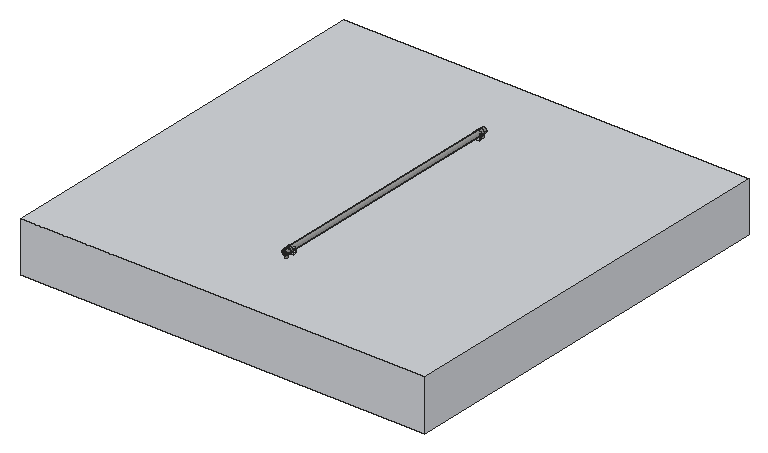
Revit family "L-line A 1.5", category Осветительные приборы, Revit 2017
Family settings
  Основа = Грань
  Размер круглого соединителя = Использовать диаметр
  Тип детали = Нормальный
  При загрузке вырезать с полостями = Нет
  Источник света = Да
  Общий = Нет
  Точка расчета площади = Нет
Parameters (values of type "L-line A 1.5 3.0K Д (матовый)")
  Расстояние от светильника до поверхности = 55.991 mm
  Описание = "Светодиодный светильник L-line A 1,5 предназначен для архитектурной подсветки зданий и сооружений различного назначения. Модули L-line A могут соединяться между собой в непрерывные линии длиной до 12 метров, что позволяет получить равномерную засветку по всей длине подключенных светильников. Соединение модулей осуществляется при помощи герметичных коннекторов."
  Lamp = ""
  Кривая сил света = "Д"
  Комментарии к типоразмеру = "Архитектурные"
  Wattage Comments = ""
  Wattage = 30.8802 W
  built-in parameter 1150110 = 1 (stored number, unit not read)
  built-in parameter 1114217 = 1 (stored number, unit not read)
  Tilt Angle = 90.00°
  built-in parameter 1150109 = 1 (stored number, unit not read)
  built-in parameter 1150134 = (empty or 0)
  built-in parameter 1150113 = 1 (stored number, unit not read)
  Файл фотометрической сетки = "L-line A 1.5-43-D-3.0K-03.ies"
  built-in parameter 1150142 = "IESNA:LM-63-1995\r\n[TEST]LEDEL\r\n[DATA]28.10.2017\r\n[MANUFAC]LEDEL\r\n[LUMCAT]L-line A 1.5/43/Д/3.0K/03\r\n[LUMINAIRE]Предназначен  для  архитектурной и декоративной  подсветки\r\n[LAMPCAT]LED\r\n[LAMP]OSRAM DURIS \r\nTILT=NONE\r\n\r\n\r\n1 4587  1.6577520780628  37 19 1 2 1.5 0.042 0.043\r\n\r\n1 1 43.2\r\n\r\n 0 2.5 5 7.5 10 12.5 15 17.5 20 22.5 25 27.5 30 32.5 35 37.5 40 42.5 45 47.5\r\n 50 52.5 55 57.5 60 62.5 65 67.5 70 72.5 75 77.5 80 82.5 85 87.5 90\r\n\r\n  0 10 20 30 40 50 60 70 80 90 100 110 120 130 140 150\r\n  160 170 180\r\n\r\n  819 818 817 812 806 800 789 778 765 751 734 717 699 679 658\r\n  637 616 591 568 544 521 496 469 446 421 396 372 347 324 300\r\n  277 257 234 216 195 177 160\r\n  819 819 817 812 810 803 795 787 775 765 754 740 726 711 696\r\n  679 663 643 626 607 586 567 548 529 511 491 469 446 422 400\r\n  378 355 337 317 299 281 263\r\n  808 806 806 803 797 792 784 776 765 755 742 729 714 700 683\r\n  667 649 630 611 591 570 551 528 509 487 468 447 425 403 384\r\n  362 343 321 303 283 264 248\r\n  800 800 797 795 789 784 774 764 755 743 729 715 700 681 665\r\n  647 629 609 586 566 547 526 507 484 466 444 422 402 381 360\r\n  338 319 299 280 263 244 229\r\n  811 811 809 804 799 793 783 773 762 748 734 719 702 685 666\r\n  644 625 602 582 560 536 515 492 466 445 421 400 378 354 333\r\n  312 292 271 251 232 215 198\r\n  819 818 817 812 806 800 789 778 765 751 734 717 699 679 658\r\n  637 616 591 568 544 521 496 469 446 421 396 372 347 324 300\r\n  277 257 234 216 195 177 160\r\n  820 819 818 812 806 800 789 778 764 748 732 714 693 674 652\r\n  629 606 578 556 528 502 477 450 422 395 368 340 313 288 263\r\n  238 214 192 172 151 135 118\r\n  822 821 820 815 809 800 789 777 762 747 729 710 690 667 645\r\n  621 595 567 540 514 485 459 429 402 371 344 313 283 255 226\r\n  200 175 151 128 108 91 76\r\n  825 821 820 815 809 800 788 775 761 745 727 706 685 663 639\r\n  614 588 561 533 504 471 438 410 378 348 317 288 255 224 193\r\n  163 133 107 84 64 46 35\r\n  820 821 818 814 806 797 786 774 759 743 723 705 685 659 636\r\n  610 584 557 527 500 469 441 412 381 351 319 287 253 217 185\r\n  152 120 90 63 39 22 14\r\n  825 822 819 812 805 796 785 771 754 737 720 700 679 655 630\r\n  606 578 552 525 496 469 438 410 379 347 316 285 252 222 189\r\n  159 129 103 80 60 42 31\r\n  822 821 817 811 806 796 786 773 756 739 722 701 682 659 635\r\n  611 586 559 533 504 477 448 419 390 360 330 300 271 241 216\r\n  188 162 138 118 99 83 66\r\n  820 819 815 810 803 795 784 771 756 740 723 707 688 665 642\r\n  619 597 572 545 518 493 466 438 411 383 355 329 301 274 250\r\n  225 203 181 161 141 126 109\r\n  819 818 814 810 803 795 786 773 759 746 731 714 694 674 655\r\n  633 611 587 563 540 515 488 463 437 412 386 362 338 313 289\r\n  267 247 225 206 187 169 152\r\n  811 811 806 802 795 788 779 770 756 743 729 713 696 677 658\r\n  638 617 595 573 550 528 504 480 458 433 411 387 364 343 320\r\n  299 279 258 240 222 203 186\r\n  800 800 800 795 787 780 773 765 756 741 723 708 693 677 658\r\n  641 619 599 579 558 536 515 493 472 452 429 408 386 367 345\r\n  324 306 288 267 249 231 215\r\n  808 807 805 803 797 789 783 774 764 753 739 727 712 697 680\r\n  660 642 623 604 584 562 541 521 499 477 455 435 413 393 373\r\n  353 332 313 292 274 257 240\r\n  819 819 817 812 810 803 795 786 774 763 753 739 726 708 693\r\n  675 658 641 620 601 583 562 540 519 499 477 454 435 413 390\r\n  370 349 329 311 294 274 256\r\n  819 818 814 810 803 795 786 773 759 746 731 714 694 674 655\r\n  633 611 587 563 540 515 488 463 437 412 386 362 338 313 289\r\n  267 247 225 206 187 169 152\r\n\r"
  built-in parameter 1150105 = 365.02 (stored number, unit not read)
  Lumens = 4587 lm
  built-in parameter 1150115 = 1 (stored number, unit not read)
  built-in parameter 1150137 = (empty or 0)
  built-in parameter 1150139 = (empty or 0)
  built-in parameter 1150112 = 1 (stored number, unit not read)
  built-in parameter 1150114 = 1 (stored number, unit not read)
  built-in parameter 1150132 = 2
  Классификация нагрузок = Освещение
  built-in parameter 1150102 = (empty or 0)
  built-in parameter 1150107 = 3000 (stored number, unit not read)
  built-in parameter 1150138 = (empty or 0)
  built-in parameter 1150106 = 3.6502 (stored number, unit not read)
  Emit from Rectangle Width = 32 mm
  Emit from Rectangle Length = 1500 mm
  Изготовитель = "LEDEL"
  Длина профиля = Emit from Rectangle Length  # 1500 mm
  Emit Shape Visible in Rendering = no
  built-in parameter 1150104 = 13.8 (stored number, unit not read)
  Dimming Lamp Color Temperature Shift = (empty or 0)
  Default Elevation = 1219.2 mm
  Color Filter = 16777215
  built-in parameter 1114218 = 1 (stored number, unit not read)
  built-in parameter 1150133 = 10 (stored number, unit not read)
  Apparent Load = 43.2 VA  # constant formula
  Артикул = "714104300833100"
Reference planes
  plane 1 "Center (Front/Back)": y = 0
  plane 2: z = 0
  plane 3 "Center (Left/Right)": x = 0
Forms (mm)
  Extrusion 1, solid
    sketch origin (0, 0, 0) x (1, 0, 0) y (0, 1, 0)
      loop
        line (-1219.2, 1219.2) -> (-1219.2, -1219.2) -> (1219.2, -1219.2) -> (1219.2, 1219.2) -> (-1219.2, 1219.2)
    from 0 to -304.8
Dimensions and locks
  "Расстояние от светильника до поверхности": imposter light to Extrusion 1
  aligned and locked: plane 2 to Extrusion 1
  aligned and locked: level to Extrusion 1
Automatic sketch dimensions
  Extrusion 1 sketch curve to Extrusion 1 sketch curve = 2438.4 mm  (x2)
Nested families
  nested 1: "L-line A_body" at (0, 0, 0), type "L-line A_body"
    with Расстояние от светильника до плоскости 55.991 mm, Начало выдавливания -750 mm, Конец выдавливания 750 mm, Драйвер, начальная точка -747.5 mm, Драйвер, конечная точка 747.5 mm, Длина профиля 1500 mm
Connectors
  electrical at (0, 0, 0), driven by "Apparent Load"
    settings: on Extrusion 1, index 1, voltage 230 V, apparent load 0 VA, apparent load phase1 43.2 VA, apparent load phase2 0 VA, apparent load phase3 0 VA, power factor 1, load classification "Прочее", number of poles 1, system type 31, power factor state 1, is connector primary yes, connector utility no, sub classification motor no, connector description ""
Definition of nested family "L-line A_body"
  Parameters (values of type "L-line A_body")
    Расстояние от светильника до плоскости = 150 mm
    Default Elevation = 1219.2 mm
    Начало выдавливания = Длина профиля / 2 * (-1)  # -125 mm
    Конец выдавливания = Длина профиля / 2  # 125 mm
    Драйвер, начальная точка = Длина профиля / (-2) + 2.5 mm  # -122.5 mm
    Драйвер, конечная точка = Длина профиля / 2 - 2.5 mm  # 122.5 mm
    Длина профиля = 250 mm
  Reference planes
    plane 1 "По центру (Вперед/Назад)": y = 0
    plane 2: z = 0
    plane 3 "По центру (Влево/Вправо)": x = 0
    plane 4 "Плоскость расположения светильника": z = 150
  Forms (mm)
    Extrusion 1, solid
      sketch origin (0, 0, 0) x (1, 0, 0) y (0, 1, 0)
        loop
          line (-1219.2, 1219.2) -> (-1219.2, -1219.2) -> (1219.2, -1219.2) -> (1219.2, 1219.2) -> (-1219.2, 1219.2)
      from 0 to -304.8
    Extrusion 2, solid
      sketch origin (-0.012, 0, 76.46) x (0, 0, 1) y (1, 0, 0)
        loop
          line (57.295, 0) -> (57.295, 14.224) -> (55.737, 14.224) -> (55.737, -14.176) -> (57.295, -14.176) -> (57.295, 0)
      from -122.5 <- "Драйвер, начальная точка" to 122.5 <- "Драйвер, конечная точка"
    Extrusion 3, solid
      sketch origin (-0.012, 0.083, 76.46) x (-1, 0, 0) y (0, 0, -1)
        loop
          circle (0, -56.539) r 16
        loop
          circle (0, -56.539) r 15
      from -125 <- "Начало выдавливания" to 125 <- "Конец выдавливания"
    Extrusion 4, solid
      sketch origin (-0.012, -122.5, 76.46) x (0, 0, -1) y (1, 0, 0)
        loop
          circle (-56.516, 0.024) r 17.4
        loop
          circle (-56.527, 0) r 16
      from -33.5 to -17.9
    Extrusion 5, solid
      sketch origin (-0.012, 122.5, 76.46) x (0, 0, 1) y (1, 0, 0)
        loop
          circle (56.516, 0.024) r 17.4
        loop
          circle (56.527, 0) r 16
      from -33.5 to -17.9
    Extrusion 6, solid
      sketch origin (-14.187, 0, 132.196) x (0, -1, 0) y (-1, 0, 0)
        loop
          circle (-115.7, -14.176) r 6.8
        loop
          circle (115.7, -14.176) r 6.8
      from 30 to 13
    Extrusion 7, solid
      sketch origin (-0.012, 125.083, 76.46) x (1, 0, 0) y (0, 0, -1)
        loop
          line (-17.974, -30.697) -> (-17.974, -33.843)
          arc (-17.974, -33.843) -> (-18.273, -34.564) -> (-18.993, -34.863) r 1.019
          line (-18.993, -34.863) -> (-19.884, -34.863)
          arc (-19.884, -34.863) -> (-20.613, -35.165) -> (-20.916, -35.895) r 1.032
          line (-20.916, -35.895) -> (-20.916, -38.827)
          arc (-20.916, -38.827) -> (-20.612, -39.559) -> (-19.88, -39.863) r 1.036
          line (-19.88, -39.863) -> (-18.974, -39.863)
          arc (-18.974, -39.863) -> (-18.267, -40.156) -> (-17.974, -40.863) r 1
          line (-17.974, -40.863) -> (-17.974, -47.034)
          arc (-17.974, -47.034) -> (-18.248, -47.869) -> (-18.963, -48.381) r 1.413
          arc (-18.963, -48.381) -> (-19.382, -48.8) -> (-18.963, -49.22) r 0.419
          arc (-18.963, -49.22) -> (-18.248, -49.731) -> (-17.974, -50.567) r 1.413
          line (-17.974, -50.567) -> (-17.925, -55.697)
          arc (-17.925, -55.697) -> (-17.113, -59.518) -> (-15.495, -63.074) r 18
          arc (-15.495, -63.074) -> (-15.394, -63.827) -> (-15.866, -64.423) r 0.971
          arc (-15.866, -64.423) -> (-16.042, -64.842) -> (-15.778, -65.212) r 0.466
          line (-15.778, -65.212) -> (-14.225, -63.863)
          arc (-14.225, -63.863) -> (-13.66, -48.207) -> (0, -40.539) r 16
          arc (0, -40.539) -> (13.66, -48.207) -> (14.225, -63.863) r 16
          line (14.225, -63.863) -> (15.778, -65.212)
          arc (15.778, -65.212) -> (16.042, -64.842) -> (15.866, -64.423) r 0.466
          arc (15.866, -64.423) -> (15.394, -63.827) -> (15.495, -63.074) r 0.971
          arc (15.495, -63.074) -> (17.113, -59.518) -> (17.974, -55.697) r 18
          line (17.974, -55.697) -> (17.974, -50.567)
          arc (17.974, -50.567) -> (18.248, -49.731) -> (18.963, -49.22) r 1.413
          arc (18.963, -49.22) -> (19.382, -48.8) -> (18.963, -48.381) r 0.419
          arc (18.963, -48.381) -> (18.248, -47.869) -> (17.974, -47.034) r 1.413
          line (17.974, -47.034) -> (17.974, -40.863)
          arc (17.974, -40.863) -> (18.267, -40.156) -> (18.974, -39.863) r 1
          line (18.974, -39.863) -> (19.867, -39.863)
          arc (19.867, -39.863) -> (20.599, -39.559) -> (20.903, -38.827) r 1.036
          line (20.903, -38.827) -> (20.903, -35.895)
          arc (20.903, -35.895) -> (20.601, -35.165) -> (19.871, -34.863) r 1.032
          line (19.871, -34.863) -> (18.993, -34.863)
          arc (18.993, -34.863) -> (18.273, -34.564) -> (17.974, -33.843) r 1.019
          line (17.974, -33.843) -> (17.974, -30.697) -> (0, -30.697) -> (-17.974, -30.697)
      from -43.6 to -55.6
    Extrusion 8, solid
      sketch origin (-0.012, -124.917, 76.46) x (-1, 0, 0) y (0, 0, -1)
        loop
          line (17.974, -30.697) -> (0, -30.697) -> (-17.974, -30.697) -> (-17.974, -33.843)
          arc (-17.974, -33.843) -> (-18.273, -34.564) -> (-18.993, -34.863) r 1.019
          line (-18.993, -34.863) -> (-19.871, -34.863)
          arc (-19.871, -34.863) -> (-20.601, -35.165) -> (-20.903, -35.895) r 1.032
          line (-20.903, -35.895) -> (-20.903, -38.827)
          arc (-20.903, -38.827) -> (-20.599, -39.559) -> (-19.867, -39.863) r 1.036
          line (-19.867, -39.863) -> (-18.974, -39.863)
          arc (-18.974, -39.863) -> (-18.267, -40.156) -> (-17.974, -40.863) r 1
          line (-17.974, -40.863) -> (-17.974, -47.034)
          arc (-17.974, -47.034) -> (-18.248, -47.869) -> (-18.963, -48.381) r 1.413
          arc (-18.963, -48.381) -> (-19.382, -48.8) -> (-18.963, -49.22) r 0.419
          arc (-18.963, -49.22) -> (-18.248, -49.731) -> (-17.974, -50.567) r 1.413
          line (-17.974, -50.567) -> (-17.974, -55.697)
          arc (-17.974, -55.697) -> (-17.113, -59.518) -> (-15.495, -63.074) r 18
          arc (-15.495, -63.074) -> (-15.394, -63.827) -> (-15.866, -64.423) r 0.971
          arc (-15.866, -64.423) -> (-16.042, -64.842) -> (-15.778, -65.212) r 0.466
          line (-15.778, -65.212) -> (-14.225, -63.863)
          arc (-14.225, -63.863) -> (-13.66, -48.207) -> (0, -40.539) r 16
          arc (0, -40.539) -> (13.66, -48.207) -> (14.225, -63.863) r 16
          line (14.225, -63.863) -> (15.778, -65.212)
          arc (15.778, -65.212) -> (16.042, -64.842) -> (15.866, -64.423) r 0.466
          arc (15.866, -64.423) -> (15.394, -63.827) -> (15.495, -63.074) r 0.971
          arc (15.495, -63.074) -> (17.113, -59.518) -> (17.925, -55.697) r 18
          line (17.925, -55.697) -> (17.974, -50.567)
          arc (17.974, -50.567) -> (18.248, -49.731) -> (18.963, -49.22) r 1.413
          arc (18.963, -49.22) -> (19.382, -48.8) -> (18.963, -48.381) r 0.419
          arc (18.963, -48.381) -> (18.248, -47.869) -> (17.974, -47.034) r 1.413
          line (17.974, -47.034) -> (17.974, -40.863)
          arc (17.974, -40.863) -> (18.267, -40.156) -> (18.974, -39.863) r 1
          line (18.974, -39.863) -> (19.88, -39.863)
          arc (19.88, -39.863) -> (20.612, -39.559) -> (20.916, -38.827) r 1.036
          line (20.916, -38.827) -> (20.916, -35.895)
          arc (20.916, -35.895) -> (20.613, -35.165) -> (19.884, -34.863) r 1.032
          line (19.884, -34.863) -> (18.993, -34.863)
          arc (18.993, -34.863) -> (18.273, -34.564) -> (17.974, -33.843) r 1.019
          line (17.974, -33.843) -> (17.974, -30.697)
      from -43.6 to -55.6
  Cuts and joins
    joined: Extrusion 3, Extrusion 6
  Dimensions and locks
    "Расстояние от светильника до плоскости": plane 4 "Плоскость расположения светильника" to Extrusion 1
    aligned and locked: plane 2 to Extrusion 1
    aligned and locked: level to Extrusion 1
  Automatic sketch dimensions
    Extrusion 1 sketch curve to Extrusion 1 sketch curve = 2438.4 mm  (x2)
    Extrusion 3 sketch curve to plane 3 "По центру (Влево/Вправо)" = 0.012 mm
    Extrusion 3 sketch curve to plane 4 "Плоскость расположения светильника" = 17.002 mm
    Extrusion 3 sketch curve to Extrusion 3 sketch curve = 0 mm  (x2)
    Extrusion 2 sketch curve to plane 4 "Плоскость расположения светильника" = 17.804 mm
    Extrusion 2 sketch curve to Extrusion 2 sketch curve = 1.558 mm
    Extrusion 2 sketch curve to plane 3 "По центру (Влево/Вправо)" = 14.187 mm
    Extrusion 2 sketch curve to plane 3 "По центру (Влево/Вправо)" = 0.012 mm
    plane 3 "По центру (Влево/Вправо)" to Extrusion 2 sketch curve = 14.213 mm
    Extrusion 6 sketch curve to Extrusion 2 = 6.8 mm  (x2)
    Extrusion 2 to Extrusion 6 sketch curve = 14.176 mm  (x2)
    Extrusion 7 sketch curve to Extrusion 7 sketch curve = 0 mm  (x11)
    Extrusion 7 sketch curve to Extrusion 7 sketch curve = 0.016 mm
    Extrusion 7 sketch curve to Extrusion 7 sketch curve = 14.225 mm  (x2)
    Extrusion 7 sketch curve to Extrusion 7 sketch curve = 1.353 mm  (x2)
    Extrusion 7 sketch curve to Extrusion 7 sketch curve = 0.199 mm  (x2)
    Extrusion 7 sketch curve to Extrusion 7 sketch curve = 0.751 mm  (x2)
    Extrusion 7 sketch curve to Extrusion 7 sketch curve = 17.974 mm  (x2)
    Extrusion 7 sketch curve to Extrusion 7 sketch curve = 0.989 mm  (x2)
    Extrusion 7 sketch curve to Extrusion 7 sketch curve = 1 mm  (x2)
    Extrusion 7 sketch curve to Extrusion 7 sketch curve = 1.019 mm  (x2)
    Extrusion 7 sketch curve to Extrusion 7 sketch curve = 1.413 mm  (x2)
    Extrusion 7 sketch curve to Extrusion 7 sketch curve = 0.424 mm  (x2)
    Extrusion 7 sketch curve to Extrusion 7 sketch curve = 0.905 mm
    Extrusion 7 sketch curve to Extrusion 7 sketch curve = 0.89 mm
    Extrusion 7 sketch curve to Extrusion 7 sketch curve = 1.032 mm
    Extrusion 7 sketch curve to Extrusion 7 sketch curve = 0.033 mm
    Extrusion 7 sketch curve to Extrusion 7 sketch curve = 0.893 mm
    Extrusion 7 sketch curve to Extrusion 7 sketch curve = 0.878 mm
    Extrusion 7 sketch curve to Extrusion 7 sketch curve = 1.036 mm
    Extrusion 7 sketch curve to Extrusion 7 sketch curve = 0.928 mm  (x2)
    Extrusion 7 sketch curve to Extrusion 7 sketch curve = 0.422 mm  (x2)
    Extrusion 7 sketch curve to Extrusion 7 sketch curve = 1.22 mm  (x2)
    Extrusion 7 sketch curve to Extrusion 7 sketch curve = 2.652 mm
    Extrusion 7 sketch curve to Extrusion 7 sketch curve = 13.003 mm  (x2)
    Extrusion 7 sketch curve to Extrusion 7 sketch curve = 0.419 mm  (x2)
    Extrusion 7 sketch curve to Extrusion 7 sketch curve = 6.171 mm  (x2)
    Extrusion 7 sketch curve to Extrusion 7 sketch curve = 2.932 mm  (x2)
    Extrusion 7 sketch curve to Extrusion 7 sketch curve = 3.147 mm
    Extrusion 7 sketch curve to Extrusion 7 sketch curve = 0.835 mm  (x2)
    Extrusion 7 sketch curve to Extrusion 7 sketch curve = 0.049 mm  (x2)
    Extrusion 8 sketch curve to Extrusion 8 sketch curve = 0 mm  (x11)
    Extrusion 8 sketch curve to Extrusion 8 sketch curve = 0.016 mm
    Extrusion 8 sketch curve to Extrusion 8 sketch curve = 14.225 mm  (x2)
    Extrusion 8 sketch curve to Extrusion 8 sketch curve = 1.353 mm  (x2)
    Extrusion 8 sketch curve to Extrusion 8 sketch curve = 0.199 mm  (x2)
    Extrusion 8 sketch curve to Extrusion 8 sketch curve = 0.751 mm  (x2)
    Extrusion 8 sketch curve to Extrusion 8 sketch curve = 17.974 mm  (x2)
    Extrusion 8 sketch curve to Extrusion 8 sketch curve = 0.989 mm  (x2)
    Extrusion 8 sketch curve to Extrusion 8 sketch curve = 1 mm  (x2)
    Extrusion 8 sketch curve to Extrusion 8 sketch curve = 1.019 mm  (x2)
    Extrusion 8 sketch curve to Extrusion 8 sketch curve = 0.424 mm  (x2)
    Extrusion 8 sketch curve to Extrusion 8 sketch curve = 0.893 mm
    Extrusion 8 sketch curve to Extrusion 8 sketch curve = 0.878 mm
    Extrusion 8 sketch curve to Extrusion 8 sketch curve = 1.032 mm  (x2)
    Extrusion 8 sketch curve to Extrusion 8 sketch curve = 0.033 mm
    Extrusion 8 sketch curve to Extrusion 8 sketch curve = 1.413 mm  (x2)
    Extrusion 8 sketch curve to Extrusion 8 sketch curve = 0.905 mm
    Extrusion 8 sketch curve to Extrusion 8 sketch curve = 0.89 mm
    Extrusion 8 sketch curve to Extrusion 8 sketch curve = 0.928 mm  (x2)
    Extrusion 8 sketch curve to Extrusion 8 sketch curve = 0.422 mm  (x2)
    Extrusion 8 sketch curve to Extrusion 8 sketch curve = 1.22 mm  (x2)
    Extrusion 8 sketch curve to Extrusion 8 sketch curve = 2.652 mm
    Extrusion 8 sketch curve to Extrusion 8 sketch curve = 13.003 mm  (x2)
    Extrusion 8 sketch curve to Extrusion 8 sketch curve = 0.419 mm  (x2)
    Extrusion 8 sketch curve to Extrusion 8 sketch curve = 6.171 mm  (x2)
    Extrusion 8 sketch curve to Extrusion 8 sketch curve = 2.932 mm  (x2)
    Extrusion 8 sketch curve to Extrusion 8 sketch curve = 3.147 mm
    Extrusion 8 sketch curve to Extrusion 8 sketch curve = 0.835 mm  (x2)
    Extrusion 8 sketch curve to Extrusion 8 sketch curve = 0.049 mm  (x2)
    Extrusion 2 to Extrusion 4 sketch curve = 0.779 mm
    Extrusion 4 sketch curve to Extrusion 4 sketch curve = 0.011 mm
    Extrusion 2 to Extrusion 4 sketch curve = 14.176 mm
    Extrusion 4 sketch curve to Extrusion 4 sketch curve = 0.024 mm
    Extrusion 5 sketch curve to Extrusion 2 = 0.779 mm
    Extrusion 5 sketch curve to Extrusion 5 sketch curve = 0.011 mm
    Extrusion 5 sketch curve to Extrusion 2 = 14.176 mm
    Extrusion 5 sketch curve to Extrusion 5 sketch curve = 0.024 mm
    radius of Extrusion 3 sketch curve = 16 mm
    radius of Extrusion 3 sketch curve = 15 mm
    radius of Extrusion 6 sketch curve = 6.8 mm  (x2)
    radius of Extrusion 7 sketch curve to Extrusion 3 = 0 mm
    radius of Extrusion 8 sketch curve to Extrusion 3 = 0 mm
    radius of Extrusion 4 sketch curve = 17.4 mm
    radius of Extrusion 4 sketch curve = 16 mm
    radius of Extrusion 5 sketch curve = 17.4 mm
    radius of Extrusion 5 sketch curve = 16 mm
Types (6, lengths in mm): name | Wattage | built-in parameter 1150134 | Файл фотометрической сетки | built-in parameter 1150142 | built-in parameter 1150105 | Lumens | built-in parameter 1150107 | built-in parameter 1150106 | Артикул
  L-line A 1.5 3.0К Д (прозрачный) | 34.3135 W | (empty or 0) | "L-line A 1.5-43-D-3.0K-01.ies" | "IESNA:LM-63-1995\r\n[TEST]LEDEL\r\n[DATA]28.10.2017\r\n[MANUFAC]LEDEL\r\n[LUMCAT]L-line A 1.5/43/Д/3.0K/01 \r\n[LUMINAIRE]Предназначен  для  архитектурной и декоративной  подсветки\r\n[LAMPCAT]LED\r\n[LAMP]OSRAM DURIS \r\nTILT=NONE\r\n\r\n1 5097 1.8387445887445 37 19 1 2  1.5  0.042  0.043\r\n\r\n1 1 43.2\r\n\r\n 0 2.5 5 7.5 10 12.5 15 17.5 20 22.5 25 27.5 30 32.5 35 37.5 40 42.5 45 47.5 50 52.5 55 57.5 60 62.5 65 67.5 70 72.5 75 77.5 80 82.5\r\n 85 87.5 90\r\n\r\n  0 10 20 30 40 50 60 70 80 90 100 110 120 130 140 150\r\n  160 170 180\r\n\r\n   1044 1046 1045 1048 1020 972 953 982 989 981 961 952 945 925 893\r\n  843 814 794 790 789 760 696 633 589 576 550 509 435 385 349\r\n  310 259 205 156 98 63 43\r\n  1042 1000 951 944 975 1003 992 973 942 903 876 851 833 815 789\r\n  740 705 667 626 622 575 523 477 425 404 356 294 255 208 156\r\n  110 78 54 35 25 20 15\r\n  1049 1022 970 945 958 992 1003 985 964 929 893 867 841 822 803\r\n  772 725 690 650 614 604 580 518 463 406 381 335 274 236 186\r\n  132 91 62 43 28 21 15\r\n  1049 1039 996 951 941 962 992 993 973 951 914 872 844 815 795\r\n  773 743 692 658 618 570 556 527 466 419 367 340 290 234 197\r\n  148 102 69 47 31 22 18\r\n  1049 1043 1011 964 940 943 966 987 977 951 926 885 844 810 774\r\n  747 718 692 650 610 573 528 510 488 419 367 316 295 242 191\r\n  154 106 67 46 30 21 18\r\n  1049 1042 1012 971 938 926 934 949 961 957 934 903 865 815 770\r\n  740 712 687 666 646 602 553 511 466 438 418 351 285 239 199\r\n  150 112 70 43 30 21 17\r\n  1048 1047 1035 1010 975 942 917 904 906 912 917 898 861 828 806\r\n  776 732 687 651 623 592 552 516 459 411 351 312 281 212 164\r\n  131 94 65 37 26 19 15\r\n  1047 1044 1041 1030 1011 989 953 923 892 866 833 811 803 805 810\r\n  802 772 739 700 658 599 542 495 446 397 355 306 250 200 171\r\n  137 94 67 43 25 18 13\r\n  1048 1044 1040 1034 1025 1016 1001 983 960 926 879 835 799 774 745\r\n  708 674 646 615 592 569 545 518 488 435 370 302 235 187 143\r\n  120 91 58 37 21 14 13\r\n  1047 1043 1040 1033 1024 1016 1002 989 974 945 907 879 860 850 836\r\n  806 770 737 702 669 622 577 527 477 425 372 318 259 206 161\r\n  132 79 44 27 14 11 9\r\n  1048 1044 1042 1034 1025 1016 1001 984 961 927 881 836 800 774 745\r\n  709 675 647 617 592 569 546 519 489 436 372 304 236 190 144\r\n  121 92 56 38 22 14 12\r\n  1047 1045 1041 1030 1011 989 954 923 892 866 836 811 803 805 810\r\n  802 773 739 702 659 602 543 495 447 398 355 307 251 200 172\r\n  139 95 68 43 25 18 14\r\n  1048 1047 1036 1010 977 943 918 904 904 911 915 899 862 829 806\r\n  778 734 688 652 624 592 553 517 460 412 353 311 283 214 165\r\n  131 95 67 37 26 19 17\r\n  1049 1042 1014 972 938 926 934 948 961 957 934 903 867 816 772\r\n  741 712 688 666 647 604 554 513 467 437 419 354 287 240 200\r\n  151 113 71 43 30 21 17\r\n  1049 1044 1013 965 940 942 966 986 977 951 927 886 843 811 775\r\n  747 718 693 653 611 573 529 511 490 420 369 317 295 244 192\r\n  157 108 69 46 30 21 18\r\n  1049 1040 998 952 942 961 992 994 973 952 914 873 845 816 797\r\n  774 743 693 659 620 570 556 529 467 421 369 340 292 236 199\r\n  151 103 71 47 31 22 18\r\n  1049 1023 973 945 958 991 1004 985 965 930 893 868 841 823 803\r\n  773 726 691 652 615 606 581 519 465 407 382 335 275 239 187\r\n  134 92 63 43 28 21 17\r\n  1042 1002 952 944 974 1003 992 973 942 903 877 852 833 815 789\r\n  741 707 668 629 622 577 524 478 425 404 358 294 256 209 158\r\n  110 78 54 36 25 20 15\r\n  1044 1045 1045 1048 1020 974 953 982 989 981 961 953 945 926 893\r\n  843 814 795 790 789 760 696 633 587 576 549 509 433 385 350\r\n  310 258 205 156 98 62 43\r\n\r\n" | 405.61 (stored number, unit not read) | 5097 lm | 3000 (stored number, unit not read) | 4.0561 (stored number, unit not read) | "800043"
  L-line A 1.5 4.0К Д (прозрачный) | 34.3135 W | 12 | "L-line A 1.5-43-D-4.0K-01.ies" | "IESNA:LM-63-1995\r\n[TEST]LEDEL\r\n[DATA]28.10.2017\r\n[MANUFAC]LEDEL\r\n[LUMCAT]L-line A 1.5/43/Д/4.0K/01 \r\n[LUMINAIRE]Предназначен  для  архитектурной и декоративной  подсветки\r\n[LAMPCAT]LED\r\n[LAMP]OSRAM DURIS \r\nTILT=NONE\r\n\r\n1 5097 1.8387445887445 37 19 1 2  1.5  0.042  0.043\r\n\r\n1 1 43.2\r\n\r\n 0 2.5 5 7.5 10 12.5 15 17.5 20 22.5 25 27.5 30 32.5 35 37.5 40 42.5 45 47.5 50 52.5 55 57.5 60 62.5 65 67.5 70 72.5 75 77.5 80 82.5\r\n 85 87.5 90\r\n\r\n  0 10 20 30 40 50 60 70 80 90 100 110 120 130 140 150\r\n  160 170 180\r\n\r\n   1044 1046 1045 1048 1020 972 953 982 989 981 961 952 945 925 893\r\n  843 814 794 790 789 760 696 633 589 576 550 509 435 385 349\r\n  310 259 205 156 98 63 43\r\n  1042 1000 951 944 975 1003 992 973 942 903 876 851 833 815 789\r\n  740 705 667 626 622 575 523 477 425 404 356 294 255 208 156\r\n  110 78 54 35 25 20 15\r\n  1049 1022 970 945 958 992 1003 985 964 929 893 867 841 822 803\r\n  772 725 690 650 614 604 580 518 463 406 381 335 274 236 186\r\n  132 91 62 43 28 21 15\r\n  1049 1039 996 951 941 962 992 993 973 951 914 872 844 815 795\r\n  773 743 692 658 618 570 556 527 466 419 367 340 290 234 197\r\n  148 102 69 47 31 22 18\r\n  1049 1043 1011 964 940 943 966 987 977 951 926 885 844 810 774\r\n  747 718 692 650 610 573 528 510 488 419 367 316 295 242 191\r\n  154 106 67 46 30 21 18\r\n  1049 1042 1012 971 938 926 934 949 961 957 934 903 865 815 770\r\n  740 712 687 666 646 602 553 511 466 438 418 351 285 239 199\r\n  150 112 70 43 30 21 17\r\n  1048 1047 1035 1010 975 942 917 904 906 912 917 898 861 828 806\r\n  776 732 687 651 623 592 552 516 459 411 351 312 281 212 164\r\n  131 94 65 37 26 19 15\r\n  1047 1044 1041 1030 1011 989 953 923 892 866 833 811 803 805 810\r\n  802 772 739 700 658 599 542 495 446 397 355 306 250 200 171\r\n  137 94 67 43 25 18 13\r\n  1048 1044 1040 1034 1025 1016 1001 983 960 926 879 835 799 774 745\r\n  708 674 646 615 592 569 545 518 488 435 370 302 235 187 143\r\n  120 91 58 37 21 14 13\r\n  1047 1043 1040 1033 1024 1016 1002 989 974 945 907 879 860 850 836\r\n  806 770 737 702 669 622 577 527 477 425 372 318 259 206 161\r\n  132 79 44 27 14 11 9\r\n  1048 1044 1042 1034 1025 1016 1001 984 961 927 881 836 800 774 745\r\n  709 675 647 617 592 569 546 519 489 436 372 304 236 190 144\r\n  121 92 56 38 22 14 12\r\n  1047 1045 1041 1030 1011 989 954 923 892 866 836 811 803 805 810\r\n  802 773 739 702 659 602 543 495 447 398 355 307 251 200 172\r\n  139 95 68 43 25 18 14\r\n  1048 1047 1036 1010 977 943 918 904 904 911 915 899 862 829 806\r\n  778 734 688 652 624 592 553 517 460 412 353 311 283 214 165\r\n  131 95 67 37 26 19 17\r\n  1049 1042 1014 972 938 926 934 948 961 957 934 903 867 816 772\r\n  741 712 688 666 647 604 554 513 467 437 419 354 287 240 200\r\n  151 113 71 43 30 21 17\r\n  1049 1044 1013 965 940 942 966 986 977 951 927 886 843 811 775\r\n  747 718 693 653 611 573 529 511 490 420 369 317 295 244 192\r\n  157 108 69 46 30 21 18\r\n  1049 1040 998 952 942 961 992 994 973 952 914 873 845 816 797\r\n  774 743 693 659 620 570 556 529 467 421 369 340 292 236 199\r\n  151 103 71 47 31 22 18\r\n  1049 1023 973 945 958 991 1004 985 965 930 893 868 841 823 803\r\n  773 726 691 652 615 606 581 519 465 407 382 335 275 239 187\r\n  134 92 63 43 28 21 17\r\n  1042 1002 952 944 974 1003 992 973 942 903 877 852 833 815 789\r\n  741 707 668 629 622 577 524 478 425 404 358 294 256 209 158\r\n  110 78 54 36 25 20 15\r\n  1044 1045 1045 1048 1020 974 953 982 989 981 961 953 945 926 893\r\n  843 814 795 790 789 760 696 633 587 576 549 509 433 385 350\r\n  310 258 205 156 98 62 43\r\n\r\n" | 405.61 (stored number, unit not read) | 5097 lm | 4000 (stored number, unit not read) | 4.0561 (stored number, unit not read) | "800042"
  L-line A 1.5 5.0К Д (прозрачный) | 34.3135 W | 2 | "L-line A 1.5-43-D-5.0K-01.ies" | "IESNA:LM-63-1995\r\n[TEST]LEDEL\r\n[DATA]28.10.2017\r\n[MANUFAC]LEDEL\r\n[LUMCAT]L-line A 1.5/43/Д/5.0K/01 \r\n[LUMINAIRE]Предназначен  для  архитектурной и декоративной  подсветки\r\n[LAMPCAT]LED\r\n[LAMP]OSRAM DURIS \r\nTILT=NONE\r\n\r\n1 5097 1.8387445887445 37 19 1 2  1.5  0.042  0.043\r\n\r\n1 1 43.2\r\n\r\n 0 2.5 5 7.5 10 12.5 15 17.5 20 22.5 25 27.5 30 32.5 35 37.5 40 42.5 45 47.5 50 52.5 55 57.5 60 62.5 65 67.5 70 72.5 75 77.5 80 82.5\r\n 85 87.5 90\r\n\r\n  0 10 20 30 40 50 60 70 80 90 100 110 120 130 140 150\r\n  160 170 180\r\n\r\n   1044 1046 1045 1048 1020 972 953 982 989 981 961 952 945 925 893\r\n  843 814 794 790 789 760 696 633 589 576 550 509 435 385 349\r\n  310 259 205 156 98 63 43\r\n  1042 1000 951 944 975 1003 992 973 942 903 876 851 833 815 789\r\n  740 705 667 626 622 575 523 477 425 404 356 294 255 208 156\r\n  110 78 54 35 25 20 15\r\n  1049 1022 970 945 958 992 1003 985 964 929 893 867 841 822 803\r\n  772 725 690 650 614 604 580 518 463 406 381 335 274 236 186\r\n  132 91 62 43 28 21 15\r\n  1049 1039 996 951 941 962 992 993 973 951 914 872 844 815 795\r\n  773 743 692 658 618 570 556 527 466 419 367 340 290 234 197\r\n  148 102 69 47 31 22 18\r\n  1049 1043 1011 964 940 943 966 987 977 951 926 885 844 810 774\r\n  747 718 692 650 610 573 528 510 488 419 367 316 295 242 191\r\n  154 106 67 46 30 21 18\r\n  1049 1042 1012 971 938 926 934 949 961 957 934 903 865 815 770\r\n  740 712 687 666 646 602 553 511 466 438 418 351 285 239 199\r\n  150 112 70 43 30 21 17\r\n  1048 1047 1035 1010 975 942 917 904 906 912 917 898 861 828 806\r\n  776 732 687 651 623 592 552 516 459 411 351 312 281 212 164\r\n  131 94 65 37 26 19 15\r\n  1047 1044 1041 1030 1011 989 953 923 892 866 833 811 803 805 810\r\n  802 772 739 700 658 599 542 495 446 397 355 306 250 200 171\r\n  137 94 67 43 25 18 13\r\n  1048 1044 1040 1034 1025 1016 1001 983 960 926 879 835 799 774 745\r\n  708 674 646 615 592 569 545 518 488 435 370 302 235 187 143\r\n  120 91 58 37 21 14 13\r\n  1047 1043 1040 1033 1024 1016 1002 989 974 945 907 879 860 850 836\r\n  806 770 737 702 669 622 577 527 477 425 372 318 259 206 161\r\n  132 79 44 27 14 11 9\r\n  1048 1044 1042 1034 1025 1016 1001 984 961 927 881 836 800 774 745\r\n  709 675 647 617 592 569 546 519 489 436 372 304 236 190 144\r\n  121 92 56 38 22 14 12\r\n  1047 1045 1041 1030 1011 989 954 923 892 866 836 811 803 805 810\r\n  802 773 739 702 659 602 543 495 447 398 355 307 251 200 172\r\n  139 95 68 43 25 18 14\r\n  1048 1047 1036 1010 977 943 918 904 904 911 915 899 862 829 806\r\n  778 734 688 652 624 592 553 517 460 412 353 311 283 214 165\r\n  131 95 67 37 26 19 17\r\n  1049 1042 1014 972 938 926 934 948 961 957 934 903 867 816 772\r\n  741 712 688 666 647 604 554 513 467 437 419 354 287 240 200\r\n  151 113 71 43 30 21 17\r\n  1049 1044 1013 965 940 942 966 986 977 951 927 886 843 811 775\r\n  747 718 693 653 611 573 529 511 490 420 369 317 295 244 192\r\n  157 108 69 46 30 21 18\r\n  1049 1040 998 952 942 961 992 994 973 952 914 873 845 816 797\r\n  774 743 693 659 620 570 556 529 467 421 369 340 292 236 199\r\n  151 103 71 47 31 22 18\r\n  1049 1023 973 945 958 991 1004 985 965 930 893 868 841 823 803\r\n  773 726 691 652 615 606 581 519 465 407 382 335 275 239 187\r\n  134 92 63 43 28 21 17\r\n  1042 1002 952 944 974 1003 992 973 942 903 877 852 833 815 789\r\n  741 707 668 629 622 577 524 478 425 404 358 294 256 209 158\r\n  110 78 54 36 25 20 15\r\n  1044 1045 1045 1048 1020 974 953 982 989 981 961 953 945 926 893\r\n  843 814 795 790 789 760 696 633 587 576 549 509 433 385 350\r\n  310 258 205 156 98 62 43\r\n\r\n" | 405.61 (stored number, unit not read) | 5097 lm | 5000 (stored number, unit not read) | 4.0561 (stored number, unit not read) | "800041"
